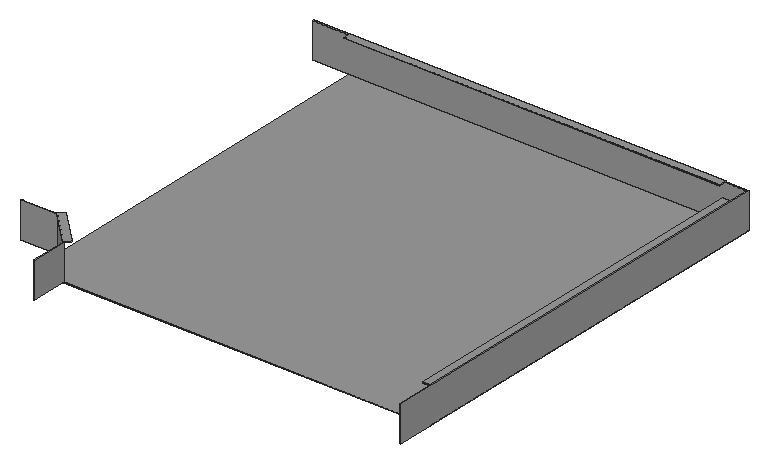
Revit family "Bogen_90_horizontal_ Russia", category Generic Models, Revit 2015
Parameters (values of type "RBL 90 660 FS RU")
  URL = "http://www.obo-bettermann.com"
  Material = Stainless Steel
  Manufacturer Art.No. = "6043102"
  Manufacturer = "OBO Bettermann"
  GTIN = "4012196625963"
  C = 650 mm
  Article Type = "RBL 90 660 FS RU"
  A = 598 mm
Types (8, lengths in mm): name | Manufacturer Art.No. | GTIN | C | Article Type | A
  (no name) | "6043102" | "4012196625963" | 650 | "RBL 90 660 FS RU" | 598
  RBL 90 610 FS RU | "6043092" | "4012196606092" | 150 | "RBL 90 610 FS RU" | 98
  RBL 90 615 FS RU | "6043093" | "4012196649327" | 200 | "RBL 90 615 FS RU" | 148
  RBL 90 620 FS RU | "6043094" | "4012196606108" | 250 | "RBL 90 620 FS RU" | 198
  RBL 90 630 FS RU | "6043096" | "4012196606115" | 350 | "RBL 90 630 FS RU" | 298
  RBL 90 640 FS RU | "6043098" | "4012196625949" | 450 | "RBL 90 640 FS RU" | 398
  RBL 90 650 FS RU | "6043100" | "4012196625956" | 550 | "RBL 90 650 FS RU" | 498
  RBL 90 660 FS RU | "6043102" | "4012196625963" | 650 | "RBL 90 660 FS RU" | 598
Reference planes
  plane 1 "Center (Front/Back)": y = 0
  plane 2: z = 0
  plane 3 "Center (Left/Right)": x = 0
  plane 4: z = 1
  plane 5: z = 59
  plane 6: z = 60
  plane 7: y = 598
  plane 8: x = 598
  plane 9: x = 597
  plane 10: y = 597
  plane 11: x = -52
  plane 12: x = 1
  plane 13: y = 1
  plane 14: y = -52
  plane 15: x = -112
  plane 16: y = -112
  plane 17: x = 560.8
  plane 18: y = 560.8
  plane 19: x = 586
  plane 20: y = 586
Forms (mm)
  Extrusion 1, solid, material "Stainless Steel" <- "Material"
    sketch origin (0, 0, 0) x (1, 0, 0) y (0, 1, 0)
      loop
        line (598, 598) -> (-52, 598) -> (-52, 1) -> (-53.017, -0.017) -> (-0.017, -53.017) -> (1, -52) -> (598, -52) -> (598, 598)
    from 0 to 1
  Extrusion 2, solid, material "Stainless Steel" <- "Material"
    sketch origin (0, 0, 0) x (1, 0, 0) y (0, 1, 0)
      loop
        line (598, 598) -> (-112, 598) -> (-112, 597) -> (597, 597) -> (597, -112) -> (598, -112) -> (598, 598)
      loop
        line (-112, 0) -> (-53.033, 0) -> (0, -53.033) -> (0, -112) -> (1, -112) -> (1, -52.314) -> (-52.314, 1) -> (-112, 1) -> (-112, 0)
    from 1 to 59
  Extrusion 3, solid, material "Stainless Steel" <- "Material"
    sketch origin (0, 0, 0) x (1, 0, 0) y (0, 1, 0)
      loop
        line (598, -52) -> (598, 560.8) -> (586, 560.8) -> (586, -52) -> (598, -52)
      loop
        line (560.8, 586) -> (560.8, 598) -> (-52, 598) -> (-52, 586) -> (560.8, 586)
      loop
        line (-53.033, 0) -> (0, -53.033) -> (8.485, -44.548) -> (-44.548, 8.485) -> (-53.033, 0)
    from 59 to 60
Lines and regions (mm)
  reference lines
    curve 1: line (-53.033, 0, 0) -> (0, -53.033, 0)
    curve 2: line (-52.314, 1, 0) -> (1, -52.314, 0)
    curve 3: line (-53.033, 0, 0) -> (-44.548, 8.485, 0)
    curve 4: line (-44.548, 8.485, 0) -> (8.485, -44.548, 0)
    curve 5: line (0, -53.033, 0) -> (8.485, -44.548, 0)
Dimensions and locks
  locked: level to plane 4 at 1
  locked: level to plane 5 at 59
  locked: plane 5 to plane 6 at 1
  locked: plane 7 to plane 10 at 1
  locked: plane 9 to plane 8 at 1
  "A": plane 3 "Center (Left/Right)" to plane 8
  locked: plane 3 "Center (Left/Right)" to plane 12 at 1
  locked: plane 1 "Center (Front/Back)" to plane 13 at 1
  "A": plane 7 to plane 1 "Center (Front/Back)"
  "C": plane 11 to plane 8
  "C": plane 7 to plane 14
  locked: curve 1 to curve 2 at 1.215
  locked: plane 15 to plane 11 at 60
  locked: plane 14 to plane 16 at 60
  locked: Extrusion 2 to curve 4 at 12
  locked: plane 7 to plane 18 at 37.2
  locked: plane 17 to plane 8 at 37.2
  locked: plane 20 to plane 7 at 12
  locked: plane 19 to plane 8 at 12
  aligned and locked: level to plane 2
  aligned and locked: plane 3 "Center (Left/Right)" to curve 1
  aligned and locked: plane 1 "Center (Front/Back)" to curve 1
  aligned and locked: plane 12 to curve 2
  aligned and locked: plane 13 to curve 2
  aligned and locked: Extrusion 1 sketch curve to plane 7
  aligned and locked: Extrusion 1 sketch curve to plane 11
  aligned and locked: Extrusion 1 sketch curve to plane 8
  aligned and locked: Extrusion 1 sketch curve to plane 14
  aligned and locked: curve 1 to Extrusion 1 sketch curve
  aligned and locked: Extrusion 1 sketch curve to curve 1
  aligned and locked: Extrusion 1 to level
  aligned and locked: plane 4 to Extrusion 1
  aligned and locked: Extrusion 2 sketch curve to Extrusion 1  (x2)
  aligned and locked: Extrusion 2 sketch curve to plane 15  (x2)
  aligned and locked: Extrusion 2 sketch curve to plane 10
  aligned and locked: plane 1 "Center (Front/Back)" to Extrusion 2 sketch curve
  aligned and locked: Extrusion 2 sketch curve to curve 1
  aligned and locked: Extrusion 2 sketch curve to plane 3 "Center (Left/Right)"
  aligned and locked: Extrusion 2 sketch curve to plane 16  (x2)
  aligned and locked: plane 12 to Extrusion 2 sketch curve
  aligned and locked: Extrusion 2 sketch curve to curve 2
  aligned and locked: Extrusion 2 sketch curve to plane 13
  aligned and locked: plane 9 to Extrusion 2 sketch curve
  aligned and locked: Extrusion 2 to plane 4
  aligned and locked: plane 5 to Extrusion 2
  aligned and locked: Extrusion 2 to Extrusion 3 sketch curve
  aligned and locked: Extrusion 3 sketch curve to plane 18
  aligned and locked: Extrusion 3 sketch curve to plane 19
  aligned and locked: Extrusion 3 sketch curve to Extrusion 1  (x3)
  aligned and locked: plane 17 to Extrusion 3 sketch curve
  aligned and locked: Extrusion 3 sketch curve to plane 7
  aligned and locked: plane 20 to Extrusion 3 sketch curve
  aligned and locked: Extrusion 3 sketch curve to curve 3
  aligned and locked: Extrusion 3 sketch curve to curve 4
  aligned and locked: Extrusion 3 sketch curve to curve 5
  aligned and locked: Extrusion 3 to plane 5
  aligned and locked: plane 6 to Extrusion 3
Automatic sketch dimensions
  Extrusion 1 sketch curve to plane 12 = 0 mm
  plane 13 to Extrusion 1 sketch curve = 0 mm
  curve 4 to plane 3 "Center (Left/Right)" = 44.548 mm
  curve 1 to plane 11 = 1.033 mm
  curve 5 to plane 14 = 1.033 mm
